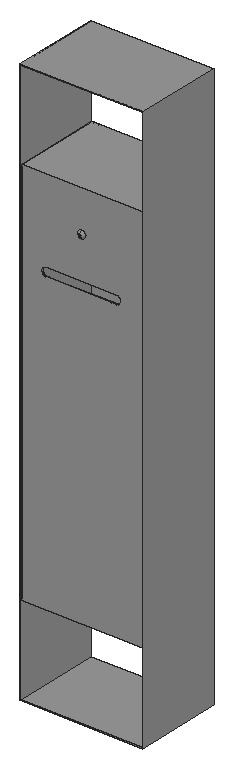
Revit family "Урна для экскрементов «Вариант-1» Арт 10549", category Антураж, Revit 2018
Family settings
  На основе рабочей плоскости = Нет
  Всегда вертикально = Да
  При загрузке вырезать с полостями = Нет
  Источник визуального образа = Геометрия семейства
  Общий = Нет
  Точка расчета площади = Нет
Parameters (values of type "Урна для экскрементов «Вариант-1»")
  Ширина = 200 mm  # constant formula
  Цвет урны = Сталь
  Описание = "Урна для экскрементов «Вариант-1»"  # constant formula
  Материал изделия = "Сталь"  # constant formula
  Изображение типоразмера = Урна для экскрементов «Вариант-1» Арт 10549.jpg
  Изготовитель = "ООО «Хоббика»"  # constant formula
  Длина = 280 mm  # constant formula
  Группа модели = "Оборудование для выгула и дрессировки собак"  # constant formula
  Высота = 1300 mm  # constant formula
  Артикул товара = "Арт. 10549"  # constant formula
  URL = "https://hobbyka.ru/product/urna_dlya_ekskrementov_variant1_/"
Reference planes
  plane 1 "По центру (Вперед/Назад)": y = 0
  plane 2: z = 0
  plane 3 "По центру (Влево/Вправо)": x = 0
  plane 4: x = 280
  plane 5: y = 200
  plane 6: z = 1300
Forms (mm)
  Extrusion 1, solid, material "Сталь" <- "Цвет урны"
    sketch origin (0, 0, 0) x (1, 0, 0) y (0, 0, 1)
      loop
        line (0, 1300) -> (0, 0) -> (280, 0) -> (280, 1300) -> (0, 1300)
      loop
        line (1.5, 1298.5) -> (1.5, 1.5) -> (278.5, 1.5) -> (278.5, 1298.5) -> (1.5, 1298.5)
    from 0 to -200
  Extrusion 2, solid, material "Сталь" <- "Цвет урны"
    sketch origin (0, 0, 0) x (1, 0, 0) y (0, 0, 1)
      loop
        line (1.5, 1095) -> (1.5, 205) -> (278.5, 205) -> (278.5, 1095) -> (1.5, 1095)
    from 0 to -200
  Extrusion 3, void
    sketch origin (0, 0, 0) x (1, 0, 0) y (0, 0, 1)
      loop
        arc (60, 905) -> (50, 895) -> (60, 885) r 10
        line (60, 885) -> (220, 885)
        arc (220, 885) -> (230, 895) -> (220, 905) r 10
        line (220, 905) -> (60, 905)
    from 0 to -12.116
  Revolve 4, solid, material "Хром"
    sketch origin (140, 2.5, 0) x (0, 1, 0) y (0, 0, 1)
      loop
        line (-2.5, 1000) -> (-2.5, 1008.5) -> (-7.5, 1003.5) -> (-6.463, 1003.5) -> (-6.463, 1002) -> (-7.5, 1002) -> (-7.5, 1000) -> (-2.5, 1000)
      axis (-2.5, 1000) -> (-7.5, 1000)
    angle from 0 to 360
  Extrusion 5, void
    sketch origin (0, 0, 0) x (1, 0, 0) y (0, 1, 0)
      loop
        line (3, 198.5) -> (3, 1.5) -> (277, 1.5) -> (277, 198.5) -> (3, 198.5)
    from 206.5 to 1093.5
Cuts and joins
  Extrusion 3, Extrusion 5 cuts Extrusion 2
Dimensions and locks
  "Ширина": plane 5 to plane 1 "По центру (Вперед/Назад)"
  "Длина": plane 4 to plane 3 "По центру (Влево/Вправо)"
  "Высота": plane 6 to plane 2
  aligned and locked: level to plane 2
Automatic sketch dimensions
  Extrusion 1 sketch curve to level = 0 mm
  Extrusion 1 sketch curve to plane 3 "По центру (Влево/Вправо)" = 0 mm
  Extrusion 1 sketch curve to plane 4 = 0 mm
  Extrusion 1 sketch curve to plane 6 = 0 mm
  plane 3 "По центру (Влево/Вправо)" to Extrusion 1 sketch curve = 1.5 mm
  Extrusion 1 sketch curve to plane 4 = 1.5 mm
  level to Extrusion 1 sketch curve = 1.5 mm
  Extrusion 1 sketch curve to plane 6 = 1.5 mm
  plane 3 "По центру (Влево/Вправо)" to Extrusion 2 sketch curve = 1.5 mm
  Extrusion 2 sketch curve to plane 4 = 1.5 mm
  level to Extrusion 2 sketch curve = 205 mm
  Extrusion 2 sketch curve to plane 6 = 205 mm
  plane 3 "По центру (Влево/Вправо)" to Extrusion 3 sketch curve = 60 mm
  Extrusion 3 sketch curve to plane 4 = 60 mm
  Extrusion 3 sketch curve to plane 6 = 415 mm
  Extrusion 3 sketch curve to Extrusion 3 sketch curve = 10 mm
  Revolve 4 sketch curve to plane 1 "По центру (Вперед/Назад)" = 0 mm
  plane 1 "По центру (Вперед/Назад)" to Revolve 4 sketch curve = 3.963 mm
  Revolve 4 sketch curve to Revolve 4 sketch curve = 1.037 mm  (x2)
  Revolve 4 sketch curve to plane 6 = 300 mm
  Revolve 4 sketch curve to Revolve 4 sketch curve = 2 mm
  Revolve 4 sketch curve to Revolve 4 sketch curve = 1.5 mm
  Revolve 4 sketch curve to Revolve 4 sketch curve = 5 mm
  Revolve 4 sketch curve to Revolve 4 sketch curve = 102.5 mm
  Revolve 4 sketch curve to plane 1 "По центру (Вперед/Назад)" = 2.5 mm
  Revolve 4 sketch curve to Revolve 4 sketch curve = 0 mm
  Extrusion 5 sketch curve to plane 1 "По центру (Вперед/Назад)" = 1.5 mm
  Extrusion 5 sketch curve to plane 5 = 1.5 mm
  plane 3 "По центру (Влево/Вправо)" to Extrusion 5 sketch curve = 3 mm
  Extrusion 5 sketch curve to plane 4 = 3 mm
